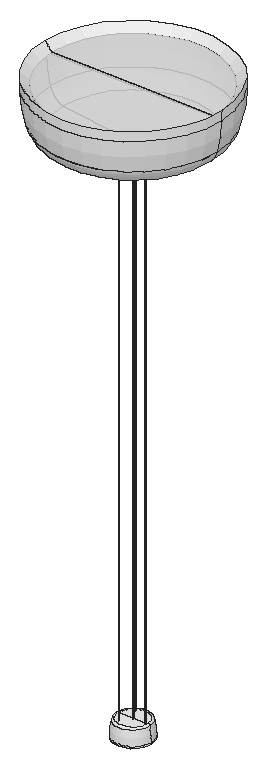
Revit family "3097943 Lighting Fixture_Sylvania_Nephos LED_Ceiling Pendant", category Lighting Fixtures, host Face, Revit 2017
Family settings
  Host = Face
  Round Connector Dimension = Use Diameter
  Part Type = Normal
  OmniClass Number = 23.80.70.11.17
  OmniClass Title = Specialized Lighting by Location or Use
  Cut with Voids When Loaded = No
  Light Source = Yes
  Shared = No
  Room Calculation Point = No
Parameters (values of type "NEPHOS 600 LED V2 GLOSS WHITE NW EB")
  Rod Length = Mounting Height - Height - 57.0 mm  # 1743.0 mm
  Radius = 300.0 mm
  Mounting Material = Steel_Sylvania_Nephos_Silver
  Mounting Height = 2000.0 mm
  Mounting Radius = 62.0 mm  # constant formula
  Life = "50 000h"  # constant formula
  LOR = "100%"
  IP Rating = "IP20"  # constant formula
  Weight = 4.97 kg
  Wattage = 41.7059 W
  built-in parameter 1150110 = 1 (stored number, unit not read)
  Voltage Comments = "UNV (Universal Voltage; 220-240 Volt)"  # constant formula
  Voltage = 230 V  # constant formula
  URL = "http://www.sylvania-lighting.com"
  built-in parameter 1114217 = 1 (stored number, unit not read)
  Tilt Angle = -90°
  built-in parameter 1150109 = 1 (stored number, unit not read)
  built-in parameter 1150134 = 12
  built-in parameter 1150113 = 1 (stored number, unit not read)
  Product Page URL = "http://www.sylvania-lighting.com/product/en-int/products/3097943"
  Product Family = "NEPHOS"  # constant formula
  Photometry Comments = ""
  Photometric Web File = "3097943_NEPHOS600LEDV2GLOSSWHITENWEB-209118.ies"
  Height = 200.0 mm
  Glow Wire Test = 650 °C
  Emit from Circle Diameter = Diameter - 10.0 mm  # 590.0 mm
  Emit Shape Visible in Rendering = no
  Electrical Protection = "Class I"  # constant formula
  Drive Current = "700mA"  # constant formula
  Diffuser Radius = Radius - 5.0 mm  # 295.0 mm
  Diffuser Material = Polycarbonate_Sylvania_Nephos_Opal
  Diameter = 2 * Radius  # 600.0 mm
  built-in parameter 1114216 [instance] = 1 (stored number, unit not read)
  Model = "NEPHOS 600 LED V2 GLOSS WHITE NW EB"
  Manufacturer = "Feilo Sylvania"
  built-in parameter 1150105 = 759.69 (stored number, unit not read)
  Lumens = 2127 lm
  built-in parameter 1150115 = 1 (stored number, unit not read)
  built-in parameter 1150137 = (empty or 0)
  built-in parameter 1150139 = (empty or 0)
  built-in parameter 1150112 = 1 (stored number, unit not read)
  built-in parameter 1150114 = 1 (stored number, unit not read)
  Lamp = "Integrated LED"
  built-in parameter 1150132 = 2
  built-in parameter 1150102 = (empty or 0)
  built-in parameter 1150107 = 4000 (stored number, unit not read)
  built-in parameter 1150138 = (empty or 0)
  built-in parameter 1150106 = 7.5969 (stored number, unit not read)
  CRI ( Ra ) = 85  # constant formula
  Body Material = Aluminium_Sylvania_Nephos_White
  built-in parameter 1150104 = 4.7381 (stored number, unit not read)
  Dimming Lamp Color Temperature Shift = <None>
  Description = "High-end and decorative LED pendant with a contemporary curved design. Available in gloss black and gloss white colour finishes to suit either a high brightness reception, or an ambient lounge space. Diffused (direct) light provides a soft and ambient lighting effect. Perfect for hospitality and residential applications; can be used in restaurants, bars, reception areas or lounge spaces. Aluminium housing material. 600mm diameter. Delivers up to 1340lm (4000K luminaire lumen output). Available in 3000K and 4000K colour temperatures. DALI dimmable options. 25W. LED technology provides energy efficient solution and reduced maintenance costs. 50,000 hour life. Adjustable 2000mm suspension cable"  # constant formula
  Default Elevation = 0.0 mm
  Color Filter = 16777215
  Catalog Number = "3097943 NEPHOS 600 LED V2 GLOSS WHITE NW EB"
  built-in parameter 1140040 [instance] = 1
  built-in parameter 1114218 = 1 (stored number, unit not read)
  built-in parameter 1150133 = 10 (stored number, unit not read)
  Assembly Code = "D5020200"
  Apparent Load Comments = ""
  Apparent Load = 24 VA
Reference planes
  plane 1 "Center (Front/Back)": y = 0
  plane 2: z = 0
  plane 3 "Center (Left/Right)": x = 0
  plane 4 "Mounting Bottom": z = 57
  plane 5: z = 1800
  plane 6 "Fixture Bottom": z = 2000
  plane 7 "Diffuser Plane": z = 1975
  plane 8: z = 1820
  plane 9: z = 1870
  plane 10: z = 1970
  plane 11: z = 47
Forms (mm)
  Revolve 1, solid, material "Aluminium_Sylvania_Nephos_White" <- "Body Material", detail levels fine
    sketch origin (0, 0, 0) x (1, 0, 0) y (0, 0, 1)
      loop
        line (-300, 2000) -> (-300, 1970)
        arc (-300, 1970) -> (-296.229, 1919.441) -> (-285, 1870) r 340.833
        arc (-285, 1870) -> (-268.025, 1840.027) -> (-240, 1820) r 79.807
        arc (-240, 1820) -> (-135.475, 1805.011) -> (-30, 1800) r 1112.5
        line (-30, 1800) -> (0, 1800) -> (0, 1805) -> (-30, 1805)
        arc (-30, 1805) -> (-134.731, 1809.963) -> (-238.523, 1824.808) r 1107.5
        arc (-238.523, 1824.808) -> (-264.485, 1843.568) -> (-280.22, 1871.467) r 74.807
        arc (-280.22, 1871.467) -> (-291.284, 1920.182) -> (-295, 1970) r 335.833
        line (-295, 1970) -> (-295, 1975) -> (-275, 1975) -> (-300, 2000)
      axis (0, 2000) -> (0, 1800)
    angle from 0 to 360
  Revolve 2, solid, material "Polycarbonate_Sylvania_Nephos_Opal" <- "Diffuser Material", detail levels fine
    sketch origin (0, 0, 0) x (1, 0, 0) y (0, 0, 1)
      loop
        line (0, 1975) -> (-295, 1975) -> (-295, 1970) -> (0, 1970) -> (0, 1975)
      axis (0, 1975) -> (0, 1970)
    angle from 0 to 360
  Revolve 3, solid, material "Aluminium_Sylvania_Nephos_White" <- "Body Material", detail levels fine
    sketch origin (0, 0, 0) x (1, 0, 0) y (0, 0, 1)
      loop
        line (0, 57) -> (-50.541, 57)
        arc (-50.541, 57) -> (-54.527, 55.484) -> (-56.499, 51.702) r 6
        arc (-56.499, 51.702) -> (-60.62, 28.512) -> (-62, 5) r 201.008
        line (-62, 5) -> (-62, 0) -> (0, 0) -> (0, 57)
      axis (0, 57) -> (0, 0)
    angle from 0 to 360
  Extrusion 4, solid, material "Aluminium_Sylvania_Nephos_White" <- "Body Material", detail levels fine
    sketch origin (0, 0, 0) x (1, 0, 0) y (0, 1, 0)
      loop
        circle (0, 0) r 2
    from 57 to 1800
  Revolve 5, solid, material "Aluminium_Sylvania_Nephos_White" <- "Body Material", detail levels coarse+medium
    sketch origin (0, 0, 0) x (1, 0, 0) y (0, 0, 1)
      loop
        line (-300, 2000) -> (-300, 1970)
        arc (-300, 1970) -> (-296.229, 1919.441) -> (-285, 1870) r 340.833
        arc (-285, 1870) -> (-268.025, 1840.027) -> (-240, 1820) r 79.807
        arc (-240, 1820) -> (-135.475, 1805.011) -> (-30, 1800) r 1112.5
        line (-30, 1800) -> (0, 1800) -> (0, 2000) -> (-300, 2000)
      axis (0, 2000) -> (0, 1800)
    angle from 0 to 360
Lines and regions (mm)
  model lines
    curve 1: line (0, 0, 1800) -> (0, 0, 0)
Dimensions and locks
  locked: plane 4 "Mounting Bottom" to plane 2 at 57
  "Radius": plane 3 "Center (Left/Right)" to Revolve 1 sketch curve
  locked: Revolve 1 sketch curve to Revolve 1 sketch curve at 25
  locked: Revolve 1 sketch curve to Revolve 1 sketch curve at 15
  locked: Revolve 1 sketch curve to Revolve 1 sketch curve at 60
  "Diffuser Radius": plane 3 "Center (Left/Right)" to Revolve 2 sketch curve
  "Mounting Height": plane 6 "Fixture Bottom" to plane 2
  "Mounting Radius": plane 3 "Center (Left/Right)" to Revolve 3 sketch curve
  Revolve 3 sketch curve to Revolve 3 sketch curve to Revolve 3 sketch curve = 5.959 mm locked, 5.501 mm locked
  locked: Revolve 3 sketch curve to Revolve 3 sketch curve at 5.298
  locked: plane 4 "Mounting Bottom" to plane 11 at 10
  locked: Revolve 1 sketch curve to Revolve 1 sketch curve at 270
  locked: Revolve 5 sketch curve to Revolve 5 sketch curve at 15
  locked: Revolve 5 sketch curve to Revolve 5 sketch curve at 60
  locked: Revolve 5 sketch curve to Revolve 5 sketch curve at 270
  "Radius": plane 3 "Center (Left/Right)" to Revolve 5 sketch curve
  "Height": plane 6 "Fixture Bottom" to plane 5
  locked: plane 6 "Fixture Bottom" to plane 7 "Diffuser Plane" at 25
  plane 10 to plane 9 to plane 8 to plane 5 = 100.0 mm locked, 50.0 mm locked, 20.0 mm locked
  aligned and locked: plane 2 to host face
  aligned and locked: level to host face
  aligned and locked: plane 1 "Center (Front/Back)" to imposter light
  aligned and locked: plane 3 "Center (Left/Right)" to imposter light
  aligned and locked: Revolve 1 sketch curve to plane 3 "Center (Left/Right)"
  aligned and locked: plane 7 "Diffuser Plane" to Revolve 2 sketch curve
  aligned and locked: Revolve 2 sketch curve to plane 10
  aligned and locked: Revolve 2 sketch curve to plane 3 "Center (Left/Right)"
  aligned and locked: plane 4 "Mounting Bottom" to Revolve 3 sketch curve
  aligned and locked: Revolve 3 sketch curve to plane 3 "Center (Left/Right)"  (x2)
  aligned and locked: Extrusion 4 to plane 4 "Mounting Bottom"
  aligned and locked: plane 5 to Extrusion 4
  aligned and locked: plane 6 "Fixture Bottom" to imposter light
  aligned and locked: plane 5 to nested 1  (x2)
  aligned and locked: nested 1 to plane 1 "Center (Front/Back)"
  aligned and locked: nested 1 to plane 5
  aligned and locked: plane 5 to nested 2
  aligned and locked: plane 5 to nested 3
  aligned and locked: Revolve 5 sketch curve to plane 6 "Fixture Bottom"
  aligned and locked: plane 2 to curve 1
  aligned and locked: plane 5 to curve 1
  aligned and locked: curve 1 to plane 3 "Center (Left/Right)"
Automatic sketch dimensions
  host sketch curve to host sketch curve = 1305.563 mm
  host sketch curve to host sketch curve = 1283.632 mm
  plane 1 "Center (Front/Back)" to Extrusion 4 sketch curve = 0.0 mm
  Extrusion 4 sketch curve to plane 3 "Center (Left/Right)" = 0.0 mm
  Revolve 1 sketch curve to Revolve 1 sketch curve = 0.0 mm  (x7)
  Revolve 1 sketch curve to plane 7 "Diffuser Plane" = 0.0 mm
  Revolve 1 sketch curve to plane 10 = 0.0 mm
  Revolve 1 sketch curve to plane 9 = 0.0 mm  (x2)
  Revolve 1 sketch curve to plane 3 "Center (Left/Right)" = 0.0 mm
  Revolve 1 sketch curve to plane 5 = 0.0 mm
  Revolve 1 sketch curve to plane 8 = 0.0 mm
  Revolve 1 sketch curve to plane 6 "Fixture Bottom" = 0.0 mm
  Revolve 1 sketch curve to Revolve 1 sketch curve = 5.0 mm
  plane 5 to Revolve 1 sketch curve = 5.0 mm
  Revolve 1 sketch curve to Revolve 1 sketch curve = 135.894 mm
  Revolve 1 sketch curve to Revolve 1 sketch curve = 84.106 mm
  Revolve 2 sketch curve to plane 3 "Center (Left/Right)" = 0.0 mm
  plane 9 to Revolve 2 sketch curve = 25.416 mm
  plane 6 "Fixture Bottom" to Revolve 2 sketch curve = 55.416 mm
  Revolve 3 sketch curve to level = 0.0 mm
  level to Revolve 3 sketch curve = 5.0 mm
  Revolve 3 sketch curve to Revolve 3 sketch curve = 34.616 mm
  Revolve 3 sketch curve to Revolve 3 sketch curve = 68.384 mm
  Revolve 5 sketch curve to plane 9 = 0.0 mm  (x2)
  Revolve 5 sketch curve to plane 3 "Center (Left/Right)" = 0.0 mm  (x2)
  Revolve 5 sketch curve to plane 10 = 0.0 mm
  Revolve 5 sketch curve to plane 5 = 0.0 mm
  Revolve 5 sketch curve to plane 8 = 0.0 mm
  Revolve 5 sketch curve to plane 5 = 135.894 mm
  Revolve 5 sketch curve to Revolve 5 sketch curve = 84.106 mm
  radius of Extrusion 4 sketch curve = 2.0 mm
Nested families
  nested 1: "Mounting" at (41.499, 0, 1800) x (1, 0, 0) z (0, 0, -1), type "Mounting"
    with Rod Length 1743.0 mm
  nested 2: "Mounting" at (-20.75, 35.94, 1800) x (-0.5, 0.866, 0) z (0, 0, -1), type "Mounting"
    with Rod Length 1743.0 mm
  nested 3: "Mounting" at (-20.75, -35.94, 1800) x (-0.5, -0.866, 0) z (0, 0, -1), type "Mounting"
    with Rod Length 1743.0 mm
Connectors
  electrical at (0, 0, 0), driven by "Voltage", driven by "Apparent Load"
    settings: on Revolve 3, index 1, voltage 230 V, apparent load 0 VA, apparent load phase1 24 VA, apparent load phase2 0 VA, apparent load phase3 0 VA, power factor 1, load classification "Lighting", number of poles 1, system type 31, power factor state 1, is connector primary yes, connector utility no, sub classification motor no, connector description ""
Definition of nested family "Mounting"
  Parameters
    Rod Length = 1243.0 mm
    Mounting Material = none
    Default Elevation = 0.0 mm
  Reference planes
    plane 1 "Center (Front/Back)": y = 0
    plane 2: z = 0
    plane 3 "Center (Left/Right)": x = 0
    plane 4: y = 0
    plane 5: z = 1243
    plane 6: z = 6
  Forms (mm)
    Extrusion 1, solid, material <- "Mounting Material", detail levels fine
      sketch origin (0, 0, 0) x (1, 0, 0) y (0, 1, 0)
        loop
          circle (0, 0) r 0.5
      from 6 to 1243
    Extrusion 2, solid, material <- "Mounting Material", detail levels fine
      sketch origin (0, 0, 0) x (1, 0, 0) y (0, 1, 0)
        loop
          circle (0, 0) r 1.5
      from 0 to 6
  Dimensions and locks
    locked: plane 6 to plane 2 at 6
    "Rod Length": plane 5 to plane 2
    aligned and locked: level to plane 2
    aligned and locked: plane 5 to Extrusion 1
    aligned and locked: plane 6 to Extrusion 2
    aligned and locked: Extrusion 2 to plane 2
    aligned and locked: Extrusion 1 to plane 6
    aligned and locked: plane 1 "Center (Front/Back)" to plane 4
  Automatic sketch dimensions
    Extrusion 1 sketch curve to plane 3 "Center (Left/Right)" = 0.0 mm
    plane 4 to Extrusion 1 sketch curve = 0.0 mm
    Extrusion 2 sketch curve to plane 3 "Center (Left/Right)" = 0.0 mm
    plane 4 to Extrusion 2 sketch curve = 0.0 mm
    radius of Extrusion 1 sketch curve = 0.5 mm
    radius of Extrusion 2 sketch curve = 1.5 mm
